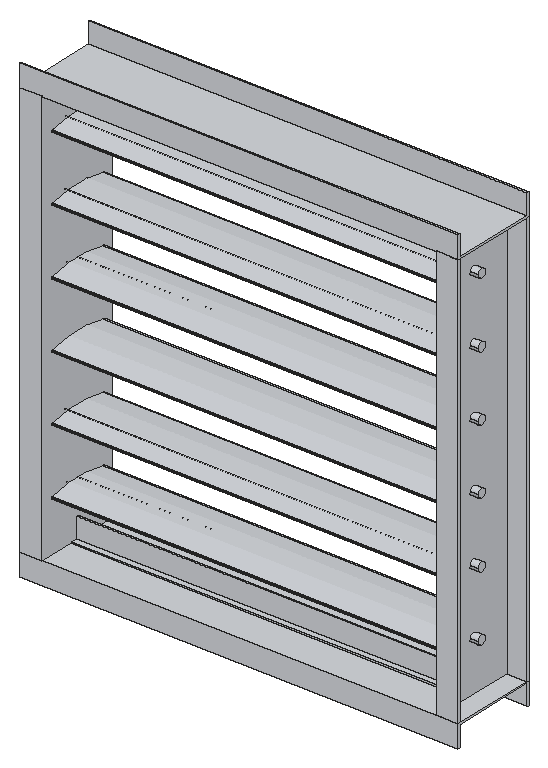
Revit family "NAH-720-2,721-2", category Mechanical Equipment, Revit 2015
Parameters
  URL = "http://unitedenertech.com/catalog/pdf/C_17,18,19,20%20NAH-720-2.pdf"
  Type Comments = "Max. Single Section Size is (60\"w x 96\"h)"
  Model = "NAH-720-2, NAH-721-2"
  Manufacturer = "United Enertech Corporation"
  Keynote = "This model is only a representation of the product, blade position will vary from built dampers."
  Exact Width = 3' - 0"
  Exact Height = 3' - 2"
  Description = "Industrial Airfoil Blade Control Damper"
  Blade Spacing = 0' - 6"
  Blade Number [instance] = (Exact Height - 0' 3") / Blade Spacing  # 6
  BW [instance] = Exact Width - 0' 0 1/8"  # 2' - 11 7/8"
Reference planes (in)
  plane 1 "Center (Front/Back)": y = 0
  plane 2: z = 0
  plane 3 "Center (Left/Right)": x = 0
  plane 4: x = -18
  plane 5: x = 18
  plane 6: x = -20
  plane 7: x = 20
  plane 8: z = 38
  plane 9: z = 40
  plane 10: z = -2
  plane 11: y = 8
  plane 12: z = 34.7953
Forms (in)
  Extrusion 1, solid
    sketch origin (0, 0, 0) x (0, 1, 0) y (0, 0, 1)
      loop
        line (8, 40) -> (7.8655, 40) -> (7.8655, 38.1345) -> (0.1345, 38.1345) -> (0.1345, 40) -> (0, 40) -> (0, 38) -> (8, 38) -> (8, 40)
    from -20 to 20
  Extrusion 2, solid
    sketch origin (0, 0, 0) x (0, 1, 0) y (0, 0, 1)
      loop
        line (8, -2) -> (8, 0) -> (0, 0) -> (0, -2) -> (0.1345, -2) -> (0.1345, -0.1345) -> (7.8655, -0.1345) -> (7.8655, -2) -> (8, -2)
    from -20 to 20
  Extrusion 3, solid
    sketch origin (0, 0, 0) x (1, 0, 0) y (0, 1, 0)
      loop
        line (20, 8) -> (18, 8) -> (18, 0) -> (20, 0) -> (20, 0.1345) -> (18.1345, 0.1345) -> (18.1345, 7.8655) -> (20, 7.8655) -> (20, 8)
    from 0 to 38
  Extrusion 4, solid
    sketch origin (0, 0, 0) x (-1, 0, 0) y (0, -1, 0)
      loop
        line (20, -8) -> (20, -7.8655) -> (18.1345, -7.8655) -> (18.1345, -0.1345) -> (20, -0.1345) -> (20, 0) -> (18, 0) -> (18, -8) -> (20, -8)
    from 0 to 38
  Extrusion 5, solid
    sketch origin (0, 0, 0) x (0, 1, 0) y (0, 0, 1)
      loop
        line (4, 38) -> (4, 37.25) -> (4.1345, 37.25) -> (4.1345, 37.8655) -> (4.75, 37.8655) -> (4.75, 38) -> (4, 38)
    from -18 to 18
  Extrusion 6, solid
    sketch origin (0, 0, 0) x (0, 1, 0) y (0, 0, 1)
      loop
        line (4, 0) -> (4, 2) -> (3.8655, 2) -> (3.8655, 0.1345) -> (3.25, 0.1345) -> (3.25, 0) -> (4, 0)
    from -18 to 18
Dimensions and locks (in)
  equal spacing: plane 4, plane 3 "Center (Left/Right)", plane 5
  "Exact Width": plane 4 to plane 5
  locked: plane 5 to plane 7 at 2
  locked: plane 6 to plane 4 at 2
  "Exact Height": plane 8 to level
  locked: plane 9 to plane 8 at 2
  locked: level to plane 10 at 2
  locked: plane 8 to plane 12 at 3.2047
  equal spacing: group 1, group 2, group 3, group 4, group 5, group 6  (x2)
  equal spacing: group 6, group 5, group 4, group 3, group 2, group 1
  "Blade Spacing": nested 1 to nested 2
  aligned and locked: level to plane 2
  aligned and locked: Extrusion 2 to plane 6
  aligned and locked: Extrusion 1 to plane 6
  aligned and locked: plane 7 to Extrusion 1
  aligned and locked: plane 7 to Extrusion 2
  aligned and locked: Extrusion 4 to level
  aligned and locked: Extrusion 3 to level
  aligned and locked: plane 8 to Extrusion 4
  aligned and locked: plane 8 to Extrusion 3
  aligned and locked: plane 4 to Extrusion 5
  aligned and locked: plane 5 to Extrusion 5
  aligned and locked: plane 3 "Center (Left/Right)" to nested 1
  aligned and locked: plane 12 to nested 1
  aligned and locked: plane 5 to Extrusion 6
  aligned and locked: plane 4 to Extrusion 6
Automatic sketch dimensions
  Extrusion 1 sketch curve to plane 1 "Center (Front/Back)" = 0' - 0"
  Extrusion 1 sketch curve to plane 9 = 0' - 0"  (x2)
  Extrusion 1 sketch curve to plane 8 = 0' - 0"
  Extrusion 1 sketch curve to plane 11 = 0' - 0"
  Extrusion 1 sketch curve to Extrusion 1 sketch curve = 0' - 0.1345"
  Extrusion 1 sketch curve to plane 11 = 0' - 0.1345"
  plane 8 to Extrusion 1 sketch curve = 0' - 0.1345"
  Extrusion 2 sketch curve to plane 1 "Center (Front/Back)" = 0' - 0"
  Extrusion 2 sketch curve to plane 10 = 0' - 0"  (x2)
  Extrusion 2 sketch curve to plane 11 = 0' - 0"
  Extrusion 2 sketch curve to level = 0' - 0"
  Extrusion 2 sketch curve to plane 1 "Center (Front/Back)" = 0' - 0.1345"
  Extrusion 2 sketch curve to plane 11 = 0' - 0.1345"
  Extrusion 2 sketch curve to level = 0' - 0.1345"
  plane 1 "Center (Front/Back)" to Extrusion 3 sketch curve = 0' - 0"
  Extrusion 3 sketch curve to plane 5 = 0' - 0"
  Extrusion 3 sketch curve to plane 7 = 0' - 0"  (x2)
  Extrusion 3 sketch curve to plane 11 = 0' - 0"
  Extrusion 3 sketch curve to plane 1 "Center (Front/Back)" = 0' - 0.1345"
  plane 5 to Extrusion 3 sketch curve = 0' - 0.1345"
  Extrusion 3 sketch curve to plane 11 = 0' - 0.1345"
  plane 1 "Center (Front/Back)" to Extrusion 4 sketch curve = 0' - 0"
  Extrusion 4 sketch curve to plane 4 = 0' - 0"
  Extrusion 4 sketch curve to plane 6 = 0' - 0"  (x2)
  Extrusion 4 sketch curve to plane 11 = 0' - 0"
  Extrusion 4 sketch curve to Extrusion 4 sketch curve = 0' - 0.1345"
  Extrusion 4 sketch curve to plane 4 = 0' - 0.1345"
  plane 1 "Center (Front/Back)" to Extrusion 4 sketch curve = 0' - 0.1345"
  Extrusion 5 sketch curve to plane 8 = 0' - 0"
  Extrusion 5 sketch curve to plane 1 "Center (Front/Back)" = 0' - 4"
  Extrusion 5 sketch curve to Extrusion 5 sketch curve = 0' - 0.1345"
  Extrusion 5 sketch curve to Extrusion 5 sketch curve = 0' - 0.6155"
  Extrusion 5 sketch curve to plane 8 = 0' - 0 3/4"
  Extrusion 5 sketch curve to plane 8 = 0' - 0.1345"
  Extrusion 6 sketch curve to level = 0' - 0"
  level to Extrusion 6 sketch curve = 0' - 0.1345"
  Extrusion 6 sketch curve to plane 1 "Center (Front/Back)" = 0' - 3 1/4"
  Extrusion 6 sketch curve to Extrusion 6 sketch curve = 0' - 0 3/4"
  Extrusion 6 sketch curve to Extrusion 6 sketch curve = 0' - 1.8655"
  Extrusion 6 sketch curve to Extrusion 6 sketch curve = 0' - 0.1345"
Nested families (in)
  nested 1: "720-2 Blade" at (0, 4.2573, 34.70567), type "720-2 Blade"
    with Blade Width 2' - 11 7/8"
  nested 2: "720-2 Blade" at (0, 4.2573, 28.70567), type "720-2 Blade"
    with Blade Width 2' - 11 7/8"
  nested 3: "720-2 Blade" at (0, 4.2573, 22.70567), type "720-2 Blade"
    with Blade Width 2' - 11 7/8"
  nested 4: "720-2 Blade" at (0, 4.2573, 16.70567), type "720-2 Blade"
    with Blade Width 2' - 11 7/8"
  nested 5: "720-2 Blade" at (0, 4.2573, 10.70567), type "720-2 Blade"
    with Blade Width 2' - 11 7/8"
  nested 6: "720-2 Blade" at (0, 4.2573, 4.70567), type "720-2 Blade"
    with Blade Width 2' - 11 7/8"
Definition of nested family "720-2 Blade"
  Parameters (values of type "720-2 Blade")
    Blade Width = 2' - 0"
  Reference planes (in)
    plane 1 "Center (Front/Back)": y = 0
    plane 2: z = 0
    plane 3 "Center (Left/Right)": x = 0
    plane 4: x = -12
    plane 5: x = 12
    plane 6: x = 13
    plane 7: x = -13
  Forms (in)
    Extrusion 1, solid
      sketch origin (0, 3.93611, -1.83544) x (0, 1, 0) y (0, 0, 1)
        loop
          line (-1.19341, 1.92507) -> (-1.31344, 1.92507)
          arc (-1.31344, 1.92507) -> (-4.19341, 2.30007) -> (-7.07338, 1.92507) r 11.24648
          line (-7.07338, 1.92507) -> (-7.19341, 1.92507) -> (-7.19341, 1.86527) -> (-7.06841, 1.86527)
          arc (-7.06841, 1.86527) -> (-4.19341, 2.24027) -> (-1.31841, 1.86527) r 11.20833
          line (-1.31841, 1.86527) -> (-1.19341, 1.86527) -> (-1.19341, 1.92507)
      from -12 to 12
    Extrusion 2, solid
      sketch origin (0, 3.93611, -1.83544) x (0, 1, 0) y (0, 0, 1)
        loop
          line (-7.19341, 1.80547) -> (-7.07338, 1.80547)
          arc (-7.07338, 1.80547) -> (-4.19341, 1.43047) -> (-1.31344, 1.80547) r 11.24648
          line (-1.31344, 1.80547) -> (-1.19341, 1.80547) -> (-1.19341, 1.86527) -> (-1.31841, 1.86527)
          arc (-1.31841, 1.86527) -> (-4.19341, 1.49027) -> (-7.06841, 1.86527) r 11.20833
          line (-7.06841, 1.86527) -> (-7.19341, 1.86527) -> (-7.19341, 1.80547)
      from -12 to 12
    Extrusion 3, solid
      sketch origin (0, 3.93611, -1.83544) x (0, 1, 0) y (0, 0, 1)
        loop
          circle (-4.19341, 1.86527) r 0.375
      from -13 to 13
  Dimensions and locks (in)
    equal spacing: plane 4, plane 3 "Center (Left/Right)", plane 5
    "Blade Width": plane 4 to plane 5
    locked: plane 7 to plane 4 at 1
    locked: plane 5 to plane 6 at 1
    aligned and locked: level to plane 2
    aligned and locked: Extrusion 3 to plane 7
    aligned and locked: plane 6 to Extrusion 3
    aligned and locked: plane 5 to Extrusion 1
    aligned and locked: plane 5 to Extrusion 2
    aligned and locked: plane 4 to Extrusion 1
    aligned and locked: plane 4 to Extrusion 2
  Automatic sketch dimensions
    Extrusion 1 sketch curve to Extrusion 1 sketch curve = 0' - 0.12003"
    Extrusion 1 sketch curve to plane 1 "Center (Front/Back)" = 0' - 2.7427"
    level to Extrusion 1 sketch curve = 0' - 0.02983"
    Extrusion 1 sketch curve to Extrusion 1 sketch curve = 0' - 0.0598"  (x2)
    Extrusion 1 sketch curve to Extrusion 1 sketch curve = 0' - 0.00497"  (x2)
    plane 1 "Center (Front/Back)" to Extrusion 1 sketch curve = 0' - 0.2573"
    Extrusion 1 sketch curve to level = 0' - 10.8035"
    Extrusion 1 sketch curve to Extrusion 1 sketch curve = 0' - 0"
    Extrusion 1 sketch curve to Extrusion 1 sketch curve = 0' - 0.02165"
    Extrusion 1 sketch curve to Extrusion 1 sketch curve = 0' - 0 1/8"
    level to Extrusion 2 sketch curve = 0' - 0.02983"
    Extrusion 2 sketch curve to Extrusion 2 sketch curve = 0' - 0 1/8"  (x2)
    Extrusion 2 sketch curve to Extrusion 2 sketch curve = 0' - 0.0598"  (x2)
    Extrusion 2 sketch curve to Extrusion 2 sketch curve = 0' - 0.00497"  (x2)
    plane 1 "Center (Front/Back)" to Extrusion 2 sketch curve = 0' - 0.2573"
    Extrusion 2 sketch curve to Extrusion 2 sketch curve = 0' - 10.81168"
    Extrusion 2 sketch curve to plane 1 "Center (Front/Back)" = 0' - 2.62267"
    Extrusion 2 sketch curve to Extrusion 2 sketch curve = 0' - 0"
    Extrusion 2 sketch curve to Extrusion 2 sketch curve = 0' - 0.02165"
